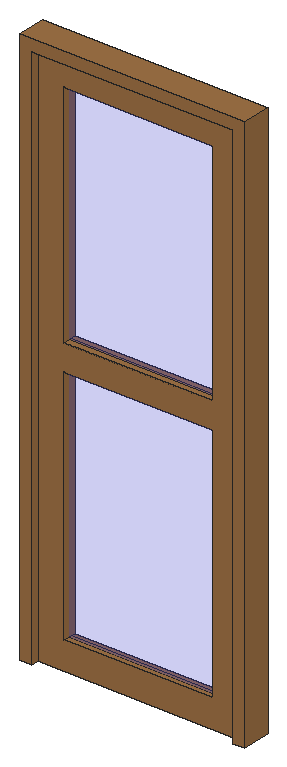
Revit family "DAL_A3-813X2032-Single-Door-With-Glass-Panel", category Doors, host Wall, Revit 2016
Family settings
  Host = Wall
  Always vertical = Yes
  Cut with Voids When Loaded = No
  Shared = No
  Room Calculation Point = No
Parameters (values of type "AC DOOR A21 762x2032")
  Rough Width = Width - Frame Width - Frame Width  # 763 mm
  Rough Height = Height - 93 mm  # 2032 mm
  Panel Width = 40 mm
  PANEL MATERIAL = none
  Material Frame = Default TIMBER FRAME
  Material Door = Default TIMBER FRAME
  Inset = 110 mm
  Height = 2125 mm
  Wall Closure = By host
  Width = 850 mm
  Function = Interior
  Frame Width = 43.5 mm
  Frame Size = 110 mm
  Description = "STANDARD AC DOORS (A21 762x2032) SOLID 2 PANEL MERANTI  DOOR PANEL AND MERANTI FRAME"
  Assembly Code = ""
Types (4, lengths in mm): name | Rough Width | Rough Height | Height | Width | Description
  AC DOORS  A21 813x2032 | 813 | 2287 | 2380 | 900 | "STANDARD AC DOORS (A21 813x2032) SOLID 2 PANEL MERANTI  DOOR PANEL AND MERANTI FRAME"
  AC DOOR A21 762x2032 | 763 | 2032 | 2125 | 850 | "STANDARD AC DOORS (A21 762x2032) SOLID 2 PANEL MERANTI  DOOR PANEL AND MERANTI FRAME"
  AC DOORS  A21 813x2032 (FIRE DOOR) | 813 | 2032 | 2125 | 900 | "STANDARD AC DOORS (A21 813x2032) SOLID 2 PANEL MERANTI  DOOR PANEL AND MERANTI FRAME"
  AC DOORS  SPECIAL  813x2372 | 813 | 2372 | 2465 | 900 | "SPECIAL AC DOORS (A21 813x2372) SOLID 2 PANEL MERANTI  DOOR PANEL AND MERANTI FRAME"
Reference planes
  plane 1 "Center line": y = -1.083
  plane 2 "Center (Left/Right)": x = -32
  plane 3 "Left": x = -457
  plane 4 "Right": x = 393
  plane 5: z = 2125
  plane 6 "Exterior": y = 108.917
  plane 7 "Interior": y = -111.083
  plane 8: x = -413.5
  plane 9: x = 349.5
  plane 10: z = 2081.5
  plane 11: y = 53.917
  plane 12: y = -56.083
  plane 13: z = 5
  plane 14: z = 1065
  plane 15: x = -313.5
  plane 16: x = 249.5
  plane 17: z = 1981.5
  plane 18: z = 105
  plane 19: z = 1115
  plane 20: z = 1015
  plane 21: y = 3.917
  plane 22: y = -6.083
Forms (mm)
  Sweep 1, solid, material "Default TIMBER FRAME" <- "Material Frame", detail levels medium+fine
    path origin (0, -1.083, 0) x (1, 0, 0) y (0, 0, 1)
      loop
        line (393, 0) -> (393, 2125) -> (-457, 2125) -> (-457, 0)
    profile origin (0, 0, 1062.5) x (-1, 0, 0) y (0, -1, 0)
      loop
        line (-393, 56.083) -> (-393, -53.917) -> (-349.5, -53.917) -> (-349.5, 56.083) -> (-393, 56.083)
  Extrusion 2, solid, material "Default TIMBER FRAME" <- "Material Door"
    sketch origin (0, -1.083, 0) x (1, 0, 0) y (0, 0, 1)
      loop
        line (349.5, 0) -> (349.5, 2081.5) -> (-413.5, 2081.5) -> (-413.5, 0) -> (349.5, 0)
      loop
        line (-313.5, 1981.5) -> (-313.5, 1115) -> (249.5, 1115) -> (249.5, 1981.5) -> (-313.5, 1981.5)
      loop
        line (-313.5, 1015) -> (-313.5, 105) -> (249.5, 105) -> (249.5, 1015) -> (-313.5, 1015)
    from -25 to 25
  Extrusion 3, solid, material "Glass"
    sketch origin (0, -26.083, 0) x (1, 0, 0) y (0, 0, 1)
      loop
        line (-313.5, 1981.5) -> (-313.5, 1115) -> (249.5, 1115) -> (249.5, 1981.5) -> (-313.5, 1981.5)
      loop
        line (249.5, 1015) -> (-313.5, 1015) -> (-313.5, 105) -> (249.5, 105) -> (249.5, 1015)
    from -30 to -20
Lines and regions (mm)
  Opening 1
    outline origin (-3050, -111.083, 0) x (1, 0, 0) y (0, 0, 1)
      loop
        line (2593, 0) -> (3443, 0) -> (3443, 2125) -> (2593, 2125) -> (2593, 0)
  symbolic lines, style "Plan Swing"
    curve 1: line (-413.5, -851.083, 0) -> (-413.5, -1.083, 0)
    curve 2: arc (349.5, -88.083, 0) -> (126.022, -627.606, 0) -> (-413.5, -851.083, 0) r 763
  symbolic lines, style "DoorsPanelProjection", detail levels medium+fine
    curve 3: line (-413.5, -1.083, 0) -> (-373.5, -1.083, 0)
    curve 4: line (-373.5, -1.083, 0) -> (-373.5, -850.034, 0)
  symbolic lines, style "Elevation Swing"
    curve 5: line (349.5, 0, 2081.5) -> (-413.5, 0, 1065)
    curve 6: line (-413.5, 0, 1065) -> (349.5, 0, 0)
Text (mm)
  text "Exterior" at (-2295.016, 1099.543, 0), in view "Ref. Level"
  text "Exterior" at (0, 1615.38, 3698.081), in view "Left"
  text "Exterior" at (0, 1036.032, 3874.932), in view "Right"
Dimensions and locks
  equal spacing: plane 3 "Left", plane 2 "Center (Left/Right)", plane 4 "Right"
  plane 8 to plane 9 = 763 mm
  "Height": plane 5 to host wall
  "Inset": plane 7 "Interior" to plane 1 "Center line"
  "Frame Width": plane 3 "Left" to plane 8
  "Frame Width": plane 9 to plane 4 "Right"
  "Frame Width": plane 10 to plane 5
  equal spacing: plane 12, plane 1 "Center line", plane 11
  "Frame Size": plane 12 to plane 11
  "Width": curve 1 to plane 1 "Center line"
  "Panel Width": curve 1 to curve 4
  equal spacing: plane 13, plane 14, plane 5
  "Width": plane 3 "Left" to plane 4 "Right"
  locked: plane 19 to plane 14 at 50
  locked: plane 14 to plane 20 at 50
  locked: plane 9 to plane 16 at 100
  locked: plane 15 to plane 8 at 100
  locked: plane 10 to plane 17 at 100
  locked: plane 18 to plane 13 at 100
  locked: host wall to plane 21 at 5
  locked: plane 22 to host wall at 5
  aligned and locked: plane 3 "Left" to Opening 1 sketch curve
  aligned and locked: plane 5 to Opening 1 sketch curve  (x2)
  aligned and locked: Opening 1 sketch curve to plane 4 "Right"
  aligned and locked: Opening 1 sketch curve to level
  aligned and locked: plane 7 "Interior" to host wall
  aligned and locked: plane 11 to Sweep 1 sketch curve
  aligned and locked: Sweep 1 sketch curve to plane 12
  aligned and locked: Sweep 1 sketch curve to plane 9
  aligned and locked: plane 6 "Exterior" to host wall
  aligned and locked: curve 1 to plane 8
  aligned and locked: Sweep 1 to curve 2
  aligned and locked: plane 1 "Center line" to curve 3
  aligned and locked: plane 15 to Extrusion 2 sketch curve  (x2)
  aligned and locked: Extrusion 2 sketch curve to plane 17
  aligned and locked: plane 19 to Extrusion 2 sketch curve
  aligned and locked: Extrusion 2 sketch curve to plane 16  (x2)
  aligned and locked: Extrusion 2 sketch curve to plane 20
  aligned and locked: plane 18 to Extrusion 2 sketch curve
  aligned and locked: Extrusion 3 sketch curve to Extrusion 2  (x3)
  aligned and locked: Extrusion 2 to Extrusion 3 sketch curve
  aligned and locked: plane 15 to Extrusion 3 sketch curve
  aligned and locked: plane 19 to Extrusion 3 sketch curve
  aligned and locked: Extrusion 3 sketch curve to plane 16
  aligned and locked: Extrusion 3 sketch curve to plane 17
  aligned and locked: Extrusion 3 to plane 21
  aligned and locked: plane 22 to Extrusion 3
Automatic sketch dimensions
  Sweep 1 sketch curve to plane 3 "Left" = 0 mm
  Sweep 1 sketch curve to plane 4 "Right" = 0 mm
  Sweep 1 sketch curve to level = 0 mm  (x2)
  Sweep 1 sketch curve to plane 5 = 0 mm
  Sweep 1 sketch curve to profile plane = 0 mm
  curve 5 to plane 9 = 0 mm
  curve 5 to plane 10 = 0 mm
  curve 6 to plane 14 = 0 mm
  curve 5 to plane 8 = 0 mm
  curve 6 to level = 0 mm
  curve 6 to plane 9 = 0 mm
  Extrusion 2 sketch curve to level = 0 mm
  Extrusion 2 sketch curve to plane 8 = 0 mm
  Extrusion 2 sketch curve to plane 9 = 0 mm
  Extrusion 2 sketch curve to plane 10 = 0 mm
